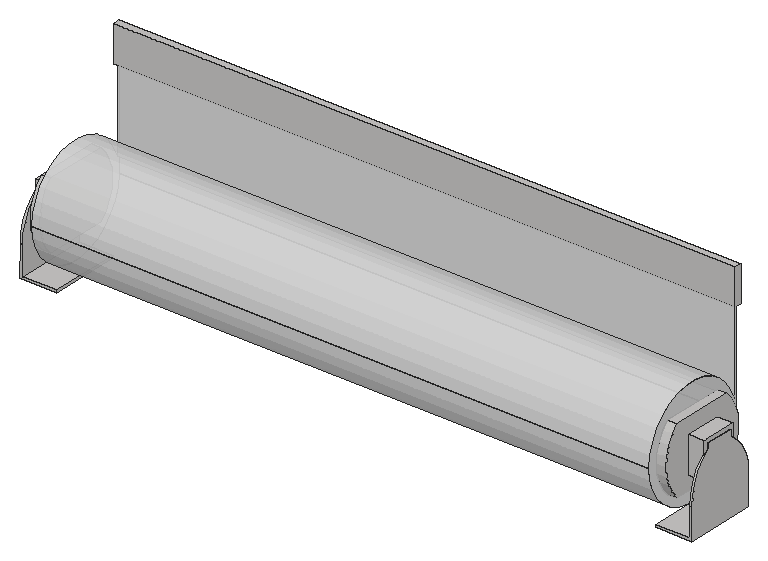
Revit family "Roller_Shades-Lutron-Ceiling_Mount-Roller_64", category Specialty Equipment, host Face, Revit 2017
Family settings
  Host = Face
  Round Connector Dimension = Use Diameter
  Part Type = Normal
  OmniClass Number = 23.30.60.14.21
  OmniClass Title = Shades
  Cut with Voids When Loaded = No
  Shared = No
  Room Calculation Point = No
Parameters (values of type "Roller 64 - Ceiling Mount")
  Warranty URL = "http://www.lutron.com/en-US/Service-Support/Pages/Service/Warranty/Warranty.aspx"
  Video Link = "https://www.youtube.com/user/LutronElectronicsInc"
  Version = "2017 - v1.0b"  # constant formula
  URL = "http://www.lutron.com"
  Type Comments = ""
  Support Phone = "(224) 699-9545"  # constant formula
  Support Email = "mailto: support@anguleris.com"
  Shade Width [instance] = 1' - 6"
  Shade Symbol Offset = if(Pocket Mount Enclosure, 0' 0", 0' 0 3/4")  # 0' - 0 3/4"
  Shade Size Available [instance] = if(Actual Shade Height < Shade Height, "No, height exceeds 5:1 ratio limit, use larger roller", if(Shade Area < Maximum Shade Area, "Yes", "Shade Size Unavailable"))  # "Yes"
  Shade Material = Fabric - Lutron - Linen - White
  Shade Height [instance] = 0' - 5 1/2"
  Shade Area [instance] = Shade Width * Actual Shade Height  # 0.6875 SF
  Series = "Sivoia QS"
  Right Drive [instance] = no
  Product Page URL = "http://www.lutron.com/en-US/Products/Pages/ShadingSystems/SivoiaQS/WindowTreatments/RollerShades/RollerShades.aspx"
  Product Name = "Roller 64 - Motorized Roller Shade - Ceiling Mount"
  Product Documentation Link = "http://www.lutron.com/TechnicalDocumentLibrary/086102%20a.pdf"
  Pocket Mount Enclosure = not(Overall Depth = 0' 3")  # no
  Pocket Mount Bracket Offset = if(Overall Depth = 0' 3 1/2", 0' 0 15/256", 0' 0")  # 0' - 0"
  Performance URL = "http://www.lutron.com/en-US/Service-Support/Pages/Technical/PerfomanceSpecs.aspx"
  Overall Width [instance] = if(Shade Width < 1' 6 1/2", 1' 6 1/2", if(Shade Width > 8' 0", 8' 0", Shade Width))  # 1' - 6 1/2"
  Overall Height [instance] = if([3D Shade Height Visibility], Shade Height, 0' 5 1/2")  # 0' - 5 1/2"
  Overall Depth = 0' - 3"
  No Pocket = not(Pocket Mount Enclosure)  # yes
  Mounting = "Ceiling"
  Model = "Roller 64"
  Maximum Shade Area = 64.00 SF  # constant formula
  Manufacturer Phone Number = "610-282-3800"  # constant formula
  Manufacturer Fax Number = "610-282-1243"  # constant formula
  Manufacturer Email = "mailto:support@lutron.com"
  Manufacturer Address = "7200 Suter Rd, Coopersburg, PA 18036"  # constant formula
  Manufacturer = "Lutron Electronics Co., Inc"  # constant formula
  Lineal Requirements [instance] = ""
  Left Drive [instance] = no
  Keynote = ""
  Instruction Sheet Link = "http://www.lutron.com/TechnicalDocumentLibrary/045-181%20Lutron%20R64%20Standard%20Mount%20Chassis%20Install.pdf"
  Fabric Roll Detail = "Standard"
  Fabric Options [instance] = ""
  Fabric Collection [instance] = ""
  Description = "Motorized Roller Shade"
  Default Elevation = 0' - 0"
  Cost Info = "mailto:sales@lutron.com"
  Cost = 0
  Copyright = "© 2019 Lutron Electronics Co., Inc."  # constant formula
  Control Technology [instance] = ""
  Bottom Bar [instance] = ""
  Assembly Code = "E2010320"
  Actual Shade Height [instance] = if(Shade Height > Shade Width * 5, Shade Width * 5, Shade Height)  # 0' - 5 1/2"
  3D Shade Height Visibility [instance] = no
Types (3): name | Shade Symbol Offset | Product Name | Pocket Mount Enclosure | Pocket Mount Bracket Offset | Overall Depth | No Pocket | Mounting
  Roller 64 - Ceiling Mount | 0' - 0 3/4" | "Roller 64 - Motorized Roller Shade - Ceiling Mount" | no | 0' - 0" | 0' - 3" | yes | "Ceiling"
  Roller 64 - Pocket Mount | 0' - 0" | "Roller 64 - Motorized Roller Shade - Pocket Mount" | yes | 0' - 0 15/256" | 0' - 3 1/2" | no | "Pocket"
  Roller 64 - Inside Mount | 0' - 0 3/4" | "Roller 64 - Motorized Roller Shade - Inside Mount" | no | 0' - 0" | 0' - 3" | yes | "Inside"
Reference planes (in)
  plane 1 "Center (Front/Back)": y = 0
  plane 2: z = 0
  plane 3 "Center (Left/Right)": x = 0
  plane 4: x = -9.25
  plane 5: x = 9.25
  plane 6: x = -8.5
  plane 7: x = 8.5
  plane 8: z = 1.764
  plane 9: z = 4.514
  plane 10: z = 5.5
  plane 11: y = -1.5
  plane 12: y = 1.5
  plane 13: z = 0.05859
  plane 14: z = 0
  plane 15: y = 1.75
  plane 16: y = -1.75
  plane 17: z = 3.5
Forms (in)
  Extrusion 1, solid, material "Fabric - Lutron - Linen - White" <- "Shade Material"
    sketch origin (0, 0, 0) x (0, 1, 0) y (0, 0, 1)
      loop
        circle (0, 1.764) r 1.5
    from -8.5 to 8.5
  Extrusion 2, solid, material "Metal - Lutron"
    sketch origin (0, -1.764, 1.764) x (0, 0, -1) y (0, -1, 0)
      loop
        arc (-0.91904, -2.61127) -> (0, -3.014) -> (0.91904, -2.61127) r 1.25
        line (0.91904, -2.61127) -> (0.91904, -0.91673)
        arc (0.91904, -0.91673) -> (0, -0.514) -> (-0.91904, -0.91673) r 1.25
        line (-0.91904, -0.91673) -> (-0.91904, -2.61127)
    from 8.5 to 8.75
  Extrusion 3, solid, material "Metal - Lutron"
    sketch origin (0, 0, 0) x (0, 1, 0) y (0, 0, 1)
      loop
        line (0.84727, 2.68304) -> (-0.84727, 2.68304)
        arc (-0.84727, 2.68304) -> (-1.25, 1.764) -> (-0.84727, 0.84496) r 1.25
        line (-0.84727, 0.84496) -> (0.84727, 0.84496)
        arc (0.84727, 0.84496) -> (1.25, 1.764) -> (0.84727, 2.68304) r 1.25
    from 8.5 to 8.75
  Extrusion 4, solid, material "Metal - Lutron", detail levels medium+fine
    sketch origin (0, 0, 0) x (1, 0, 0) y (0, 1, 0)
      loop
        line (9.25, 0.975) -> (8.25, 0.975) -> (8.25, -0.975) -> (9.25, -0.975) -> (9.25, 0.975)
      loop
        line (-9.25, 0.975) -> (-9.25, -0.975) -> (-8.25, -0.975) -> (-8.25, 0.975) -> (-9.25, 0.975)
    from 0 to 0.05859
  Extrusion 5, solid, material "Metal - Lutron", detail levels medium+fine
    sketch origin (9.25, 60, 48) x (0, 1, 0) y (0, 0, -1)
      loop
        line (-60.975, 48) -> (-60.975, 47.15504)
        arc (-60.975, 47.15504) -> (-60.81624, 46.49803) -> (-60.375, 45.986) r 1.43887
        line (-60.375, 45.986) -> (-60.375, 45.83594) -> (-59.625, 45.83594) -> (-59.625, 45.986)
        arc (-59.625, 45.986) -> (-59.18376, 46.49803) -> (-59.025, 47.15504) r 1.43887
        line (-59.025, 47.15504) -> (-59.025, 48) -> (-60.975, 48)
    from 0 to 0.05859
  Extrusion 6, solid, material "Metal - Lutron", detail levels medium+fine
    sketch origin (-9.25, 60, 48) x (0, 1, 0) y (0, 0, 1)
      loop
        line (-60.975, -48) -> (-59.025, -48) -> (-59.025, -47.15504)
        arc (-59.025, -47.15504) -> (-59.18376, -46.49803) -> (-59.625, -45.986) r 1.43887
        line (-59.625, -45.986) -> (-59.625, -45.83594) -> (-60.375, -45.83594) -> (-60.375, -45.986)
        arc (-60.375, -45.986) -> (-60.81624, -46.49803) -> (-60.975, -47.15504) r 1.43887
        line (-60.975, -47.15504) -> (-60.975, -48)
    from 0 to 0.05859
  Extrusion 7, solid, material "Metal - Lutron", detail levels medium+fine
    sketch origin (0, 0, 0) x (0, 1, 0) y (0, 0, 1)
      loop
        line (-0.5, 2.264) -> (-0.5, 1.264) -> (0.5, 1.264) -> (0.5, 2.264) -> (-0.5, 2.264)
    from 8.75 to 9.19141
  Extrusion 8, solid, material "Metal - Lutron", detail levels medium+fine
    sketch origin (0, 0, 0) x (0, 1, 0) y (0, 0, -1)
      loop
        line (-0.5, -2.264) -> (0.5, -2.264) -> (0.5, -1.264) -> (-0.5, -1.264) -> (-0.5, -2.264)
    from 8.75 to 9.19141
  Extrusion 9, solid, material "Fabric - Lutron - Linen - White" <- "Shade Material"
    sketch origin (0, 1.4375, 1.764) x (1, 0, 0) y (0, 0, -1)
      loop
        line (-8.5, 0) -> (-8.5, -2.75) -> (8.5, -2.75) -> (8.5, 0) -> (-8.5, 0)
    from 0 to 0.0625
  Extrusion 10, solid, material "Metal - Lutron", detail levels medium+fine
    sketch origin (0, -1.764, 1.764) x (0, 0, -1) y (0, 1, 0)
      loop
        line (-2.75, 3.3265) -> (-3.736, 3.3265) -> (-3.736, 3.139) -> (-2.75, 3.139) -> (-2.75, 3.3265)
    from -8.5625 to 8.5625
  Extrusion 11, solid, material "Metal - Lutron", visible <- "Pocket Mount Enclosure"
    sketch origin (0, 0, 3.5) x (0, 1, 0) y (0, 0, 1)
      loop
        line (1.75, -3.5) -> (1.75, 0) -> (1.6875, 0) -> (1.6875, -3.4375) -> (-1.6875, -3.4375) -> (-1.6875, 0) -> (-1.75, 0) -> (-1.75, -3.5) -> (1.75, -3.5)
    from -9.25 to 9.25
  Extrusion 12, solid, material "Metal - Lutron", visible <- "Pocket Mount Enclosure"
    sketch origin (0, 0, 3.5) x (1, 0, 0) y (0, 1, 0)
      loop
        line (9.25, -1.75) -> (9.3125, -1.75) -> (9.3125, 1.75) -> (9.25, 1.75) -> (9.25, -1.75)
      loop
        line (-9.25, -1.75) -> (-9.25, 1.75) -> (-9.3125, 1.75) -> (-9.3125, -1.75) -> (-9.25, -1.75)
    from -3.5 to 0
  Extrusion 13, solid, material "Metal - Lutron", visible <- "Pocket Mount Enclosure"
    sketch origin (0, 0, 3.5) x (0, 1, 0) y (0, 0, 1)
      loop
        line (-1.6875, 0) -> (-1.6875, -0.0625) -> (0.625, -0.0625) -> (0.625, 0) -> (-1.6875, 0)
    from -9.25 to 9.25
Cuts and joins
  joined: Extrusion 4, Extrusion 5, Extrusion 6
  joined: Extrusion 1, Extrusion 9
Lines and regions (in)
  Masking region 1, visible <- "No Pocket"
    outline origin (0, 0, 0) x (1, 0, 0) y (0, 1, 0)
      loop
        line (-8.5, 0.5) -> (-9.25, 0.5) -> (-9.25, -0.5) -> (-8.5, -0.5) -> (-8.5, -1.5) -> (8.5, -1.5) -> (8.5, -0.5) -> (9.25, -0.5) -> (9.25, 0.5) -> (8.5, 0.5) -> (8.5, 1.5) -> (-8.5, 1.5) -> (-8.5, 0.5)
  Masking region 2, visible <- "Pocket Mount Enclosure"
    outline origin (0, 1.5, 1.764) x (0, -1, 0) y (1, 0, 0)
      loop
        line (-0.25, -9.25) -> (3.25, -9.25) -> (3.25, 9.25) -> (-0.25, 9.25) -> (-0.25, -9.25)
  symbolic lines, visible <- "No Pocket"
    curve 1: line (8.5, -0.5, 0) -> (8.5, 0.5, 0)
    curve 2: line (-8.5, -0.5, 0) -> (-8.5, 0.5, 0)
  symbolic lines, style "GenericModel"
    curve 3: line (-7.75, 1, 0) -> (7.75, 1, 0)
Dimensions and locks (in)
  equal spacing: plane 4, plane 3 "Center (Left/Right)", plane 5
  "Overall Width": plane 4 to plane 5
  locked: plane 4 to plane 6 at 0.75
  locked: plane 7 to plane 5 at 0.75
  Extrusion 4 sketch curve to plane 1 "Center (Front/Back)" to Extrusion 4 sketch curve = 0' - 0.975" locked, 0' - 0.975" locked  (x2)
  locked: plane 1 "Center (Front/Back)" to Extrusion 1 sketch curve at 0
  locked: plane 8 to Extrusion 1 sketch curve at 0
  plane 8 to Extrusion 4 = 0' - 1.70541"
  equal spacing: plane 11, plane 1 "Center (Front/Back)", plane 12
  locked: plane 12 to plane 11 at 3
  locked: plane 6 to Extrusion 4 sketch curve at 0.25
  locked: Extrusion 4 sketch curve to plane 7 at 0.25
  locked: Extrusion 6 to plane 4 at 0.05859
  locked: plane 6 to Extrusion 6 at 0.69141
  locked: Extrusion 5 to plane 5 at 0.05859
  locked: plane 7 to Extrusion 5 at 0.69141
  Extrusion 5 sketch curve to Extrusion 5 sketch curve to plane 1 "Center (Front/Back)" = 0' - 0.6" locked, 0' - 0 3/8" locked
  Extrusion 5 sketch curve to Extrusion 5 sketch curve to plane 2 = 0' - 1.3191" locked, 0' - 0.84496" locked
  locked: Extrusion 5 sketch curve to plane 2 at 0.84496
  Extrusion 6 sketch curve to Extrusion 6 sketch curve to plane 1 "Center (Front/Back)" = 0' - 0.6" locked, 0' - 0 3/8" locked
  Extrusion 6 sketch curve to Extrusion 6 sketch curve to plane 2 = 0' - 1.3191" locked, 0' - 0.84496" locked
  locked: Extrusion 6 sketch curve to plane 2 at 0.84496
  locked: plane 6 to Extrusion 2 at 0.25
  locked: Extrusion 2 to plane 4 at 0.5
  locked: Extrusion 8 sketch curve to plane 1 "Center (Front/Back)" at 0.5
  locked: plane 8 to Extrusion 8 sketch curve at 0.5
  Extrusion 2 sketch curve to plane 8 to Extrusion 2 sketch curve = 0' - 0.91904" locked, 0' - 0.91904" locked
  Extrusion 2 sketch curve to plane 1 "Center (Front/Back)" to Extrusion 2 sketch curve = 0' - 0.84727" locked, 0' - 0.84727" locked  (x2)
  locked: Extrusion 9 to plane 12 at 0.0625
  locked: plane 1 "Center (Front/Back)" to Extrusion 9 at 1.4375
  locked: plane 12 to Extrusion 10 sketch curve at 0.0625
  locked: Extrusion 10 sketch curve to plane 12 at 0.125
  locked: plane 6 to Extrusion 10 at 0.0625
  locked: plane 7 to Extrusion 10 at 0.0625
  locked: Extrusion 10 to plane 4 at 0.6875
  locked: Extrusion 10 to plane 5 at 0.6875
  locked: plane 7 to Extrusion 3 at 0.25
  locked: Extrusion 3 to plane 5 at 0.5
  locked: plane 10 to plane 9 at 0.986
  locked: Extrusion 7 sketch curve to plane 1 "Center (Front/Back)" at 0.5
  locked: plane 8 to Extrusion 7 sketch curve at 0.5
  Extrusion 3 sketch curve to plane 1 "Center (Front/Back)" to Extrusion 3 sketch curve = 0' - 0.84727" locked, 0' - 0.84727" locked  (x2)
  Extrusion 3 sketch curve to plane 8 to Extrusion 3 sketch curve = 0' - 0.91904" locked, 0' - 0.91904" locked
  locked: cut or joined group of Extrusion 4, Extrusion 5, Extrusion 6 to cut or joined group of Extrusion 4, Extrusion 5, Extrusion 6 at 0
  "Overall Height": plane 10 to plane 2
  "Pocket Mount Bracket Offset": plane 14 to plane 2
  locked: plane 13 to plane 14 at 0.05859
  Extrusion 13 sketch curve to plane 1 "Center (Front/Back)" to Extrusion 13 sketch curve = 0' - 1 11/16" locked, 0' - 0 5/8" locked
  equal spacing: plane 16, plane 1 "Center (Front/Back)", plane 15
  locked: plane 15 to plane 16 at 3.5
  locked: plane 17 to plane 2 at 3.5
  locked: plane 16 to Extrusion 11 sketch curve at 0.0625
  locked: Extrusion 11 sketch curve to plane 15 at 0.0625
  locked: Extrusion 11 sketch curve to plane 2 at 0.0625
  locked: Extrusion 12 sketch curve to plane 4 at 0.0625
  locked: plane 5 to Extrusion 12 sketch curve at 0.0625
  locked: plane 17 to Extrusion 13 sketch curve at 0.0625
  Masking region 1 sketch curve to plane 1 "Center (Front/Back)" to Masking region 1 sketch curve = 0' - 0 1/2" locked, 0' - 0 1/2" locked  (x2)
  locked: plane 1 "Center (Front/Back)" to curve 3 at 1
  "Shade Symbol Offset": plane 6 to curve 3
  "Shade Symbol Offset": curve 3 to plane 7
  locked: Extrusion 10 to Extrusion 10 at 0.1875
  plane 1 "Center (Front/Back)" to Extrusion 5 sketch curve to Extrusion 5 sketch curve = 0' - 0 3/8" locked, 0' - 0.6" locked
  locked: Extrusion 5 sketch curve to plane 14 at 2.014  (x2)
  locked: Extrusion 6 sketch curve to plane 14 at 2.014  (x2)
  plane 1 "Center (Front/Back)" to Extrusion 6 sketch curve to Extrusion 6 sketch curve = 0' - 0 3/8" locked, 0' - 0.6" locked
  locked: plane 1 "Center (Front/Back)" to Extrusion 8 sketch curve at 0.5
  locked: Extrusion 8 sketch curve to plane 8 at 0.5
  locked: Extrusion 7 sketch curve to plane 8 at 0.5
  locked: plane 1 "Center (Front/Back)" to Extrusion 7 sketch curve at 0.5
  radius of Extrusion 1 sketch curve = 0' - 1 1/2"
  radius of Extrusion 5 sketch curve = 0' - 1.43887"  (x2)
  radius of Extrusion 6 sketch curve = 0' - 1.43887"  (x2)
  radius of Extrusion 2 sketch curve = 0' - 1 1/4"  (x2)
  radius of Extrusion 3 sketch curve = 0' - 1 1/4"  (x2)
  aligned and locked: plane 2 to host face
  aligned and locked: level to host face
  aligned and locked: Extrusion 1 to plane 6
  aligned and locked: Extrusion 1 to plane 7
  aligned: Extrusion 4 to plane 2
  aligned and locked: Extrusion 4 sketch curve to plane 5
  aligned and locked: plane 4 to Extrusion 4 sketch curve
  aligned and locked: Extrusion 6 to plane 4
  aligned and locked: Extrusion 5 to plane 5
  aligned and locked: Extrusion 8 to cut or joined group of Extrusion 4, Extrusion 5, Extrusion 6
  aligned and locked: plane 6 to Extrusion 2
  aligned and locked: Extrusion 8 to Extrusion 2
  aligned and locked: plane 12 to Extrusion 9
  aligned and locked: Extrusion 9 sketch curve to plane 6
  aligned and locked: Extrusion 9 sketch curve to plane 8
  aligned and locked: plane 9 to Extrusion 9 sketch curve
  aligned and locked: Extrusion 9 sketch curve to plane 7
  aligned and locked: plane 10 to Extrusion 10
  aligned and locked: Extrusion 10 to plane 9
  aligned and locked: Extrusion 7 to cut or joined group of Extrusion 4, Extrusion 5, Extrusion 6
  aligned and locked: Extrusion 7 to Extrusion 3
  aligned and locked: plane 7 to Extrusion 3
  aligned and locked: Masking region 1 sketch curve to cut or joined group of Extrusion 1, Extrusion 9  (x2)
  aligned and locked: Masking region 1 sketch curve to plane 4
  aligned and locked: Masking region 1 sketch curve to plane 12
  aligned and locked: Masking region 1 sketch curve to plane 11
  aligned and locked: Masking region 1 sketch curve to plane 5
  aligned and locked: Masking region 1 sketch curve to plane 7
  aligned and locked: Masking region 1 sketch curve to plane 6
  aligned and locked: plane 6 to curve 2
  aligned and locked: cut or joined group of Extrusion 4, Extrusion 5, Extrusion 6 to plane 13
  aligned and locked: cut or joined group of Extrusion 4, Extrusion 5, Extrusion 6 to plane 14
  aligned and locked: Extrusion 11 sketch curve to plane 16
  aligned and locked: Extrusion 11 sketch curve to plane 17  (x2)
  aligned and locked: plane 2 to Extrusion 11 sketch curve
  aligned and locked: plane 4 to Extrusion 12 sketch curve
  aligned and locked: plane 15 to Extrusion 12 sketch curve
  aligned and locked: plane 16 to Extrusion 12 sketch curve
  aligned and locked: Extrusion 12 sketch curve to plane 5
  aligned and locked: Extrusion 12 sketch curve to plane 16
  aligned and locked: Extrusion 12 sketch curve to plane 15
  aligned and locked: plane 17 to Extrusion 12
  aligned and locked: Extrusion 12 to plane 2
  aligned and locked: Extrusion 11 to plane 4
  aligned and locked: Extrusion 11 to plane 5
  aligned and locked: Extrusion 13 sketch curve to plane 17
  aligned and locked: Extrusion 13 to plane 4
  aligned and locked: Extrusion 13 to plane 5
  aligned and locked: plane 15 to Extrusion 11
  aligned and locked: Extrusion 5 sketch curve to plane 14
  aligned and locked: Extrusion 6 sketch curve to plane 14
  aligned and locked: Masking region 2 sketch curve to plane 15
  aligned and locked: plane 4 to Masking region 2 sketch curve
  aligned and locked: plane 5 to Masking region 2 sketch curve
  aligned and locked: Masking region 2 sketch curve to plane 16
Automatic sketch dimensions
  host sketch curve to host sketch curve = 8' - 0"
  host sketch curve to host sketch curve = 8' - 0.06319"
  Extrusion 11 sketch curve to plane 15 = 0' - 0"
  plane 10 to Extrusion 10 sketch curve = 0' - 0"
  plane 9 to Extrusion 10 sketch curve = 0' - 0"
  curve 1 to plane 7 = 0' - 0"
  curve 1 to plane 1 "Center (Front/Back)" = 0' - 0 1/2"
  curve 2 to plane 1 "Center (Front/Back)" = 0' - 0 1/2"
  plane 1 "Center (Front/Back)" to curve 1 = 0' - 0 1/2"
  plane 1 "Center (Front/Back)" to curve 2 = 0' - 0 1/2"
Connectors (in)
  electrical at (9.25, 0, 1.25576)
    settings: on cut or joined group of Extrusion 4, Extrusion 5, Extrusion 6, index 1, voltage 0 V, apparent load 0 VA, apparent load phase1 0 VA, apparent load phase2 0 VA, apparent load phase3 0 VA, power factor 1, load classification "Other", number of poles 1, system type 13, power factor state 1, is connector primary yes, connector utility no, sub classification motor no, connector description "Control Connection"
